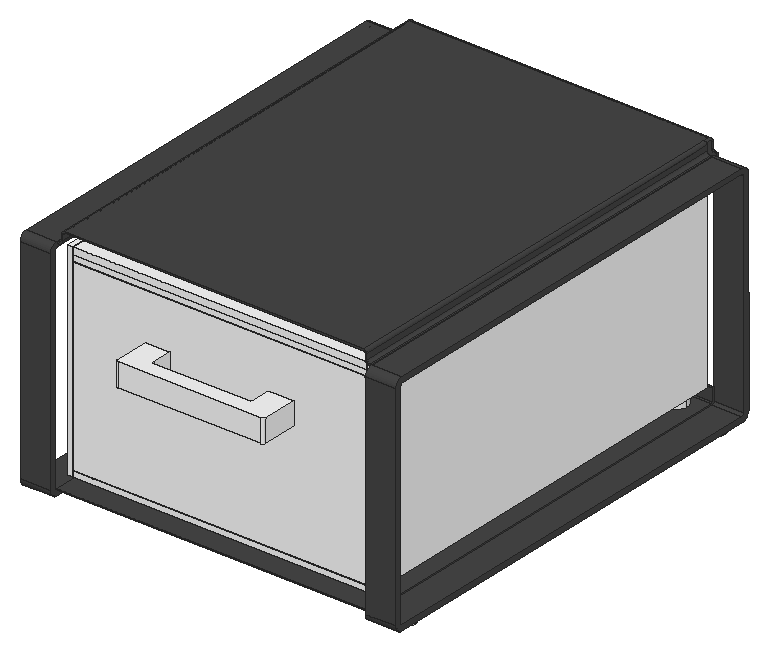
Revit family "QF_Vollrath_SBB12F-06", category Specialty Equipment, Revit 2016
Family settings
  Part Type = Normal
  Round Connector Dimension = Use Diameter
  OmniClass Number = 23.40.40.00
  OmniClass Title = Food Service Equipment and Furnishings
  Work Plane-Based = Yes
  Always vertical = Yes
  Cut with Voids When Loaded = No
  Shared = No
  Room Calculation Point = No
Parameters
  Width = 12 3/8"
  Weight in Pounds = 0
  Watermarked By = ""
  URL Cutsheet = ""
  Specification by User [instance] = ""
  Specification by Manufacturer [instance] = ""
  Serial Number [instance] = ""
  Revision Code [instance] = ""
  NAFEM Spec ID Number [instance] = ""
  Model = "SBB12F-06"
  Masterspec [instance] = ""
  Manufacturer = "Vollrath"
  Item Number [instance] = "-"
  Installed By [instance] = ""
  Height = 7 7/8"
  Furnished By [instance] = ""
  Foodservice Equipment Identifier = yes
  Description = "1/2 Display Bin with Drawer & Black Frame"
  Depth = 14 1/2"
  Default Elevation = 48"
  CSI MasterFormat = ""
Reference planes (in)
  plane 1 "BACK": y = 0
  plane 2 "BOTTOM": z = 0
  plane 3 "LEFT": x = -16.56573
  plane 4 "RIGHT": x = -4.19073
  plane 5 "Front Inner": y = -14.5
  plane 6 "Bottom of Body": z = 0.16
  plane 7 "TOP": z = 8.035
  plane 8: z = 5.305
  plane 9 "Bottom Handle": z = 4.555
  plane 10 "Caster Left": x = -16.06573
  plane 11 "Caster Right": x = -4.69073
  plane 12 "Caster Back": y = -0.75
  plane 13 "Caster Front": y = -13.5
  plane 14 "Center LR": x = -10.37823
  plane 15 "L1": x = -15.56573
  plane 16: x = -5.19073
  plane 17: z = 0.25
Forms (in)
  Blend 1, solid, material "QF_Plastic-White-Transparent"
    base sketch origin (0, 0, 0) x (1, 0, 0) y (0, 1, 0)
      loop
        circle (-16.06573, -0.75) r 0.35
    top sketch origin (0, 0, 0) x (1, 0, 0) y (0, 1, 0)
      loop
        circle (-16.06573, -0.75) r 0.38
    from 0 to 0.16
  Blend 2, solid, material "QF_Plastic-White-Transparent"
    base sketch origin (0, 0, 0) x (1, 0, 0) y (0, 1, 0)
      loop
        circle (-4.69073, -0.75) r 0.35
    top sketch origin (0, 0, 0) x (1, 0, 0) y (0, 1, 0)
      loop
        circle (-4.69073, -0.75) r 0.38
    from 0 to 0.16
  Blend 3, solid, material "QF_Plastic-White-Transparent"
    base sketch origin (0, 0, 0) x (1, 0, 0) y (0, 1, 0)
      loop
        circle (-16.06573, -13.5) r 0.35
    top sketch origin (0, 0, 0) x (1, 0, 0) y (0, 1, 0)
      loop
        circle (-16.06573, -13.5) r 0.38
    from 0 to 0.16
  Blend 4, solid, material "QF_Plastic-White-Transparent"
    base sketch origin (0, 0, 0) x (1, 0, 0) y (0, 1, 0)
      loop
        circle (-4.69073, -13.5) r 0.35
    top sketch origin (0, 0, 0) x (1, 0, 0) y (0, 1, 0)
      loop
        circle (-4.69073, -13.5) r 0.38
    from 0 to 0.16
  Extrusion 5, solid, material "QF_Steel-Paint Finish-Black"
    sketch origin (-16.56573, 0, 0) x (0, 1, 0) y (0, 0, 1)
      loop
        arc (-0.25, 0.16) -> (-0.07322, 0.23322) -> (0, 0.41) r 0.25
        line (0, 0.41) -> (0, 7.41)
        arc (0, 7.41) -> (-0.07322, 7.58678) -> (-0.25, 7.66) r 0.25
        line (-0.25, 7.66) -> (-14.25, 7.66)
        arc (-14.25, 7.66) -> (-14.42678, 7.58678) -> (-14.5, 7.41) r 0.25
        line (-14.5, 7.41) -> (-14.5, 0.41)
        arc (-14.5, 0.41) -> (-14.42678, 0.23322) -> (-14.25, 0.16) r 0.25
        line (-14.25, 0.16) -> (-0.25, 0.16)
      loop
        arc (-0.17187, 7.41) -> (-0.19476, 7.46524) -> (-0.25, 7.48813) r 0.07813
        line (-0.25, 7.48813) -> (-14.25, 7.48813)
        arc (-14.25, 7.48813) -> (-14.30524, 7.46524) -> (-14.32813, 7.41) r 0.07813
        line (-14.32813, 7.41) -> (-14.32813, 0.41)
        arc (-14.32813, 0.41) -> (-14.30524, 0.35476) -> (-14.25, 0.33187) r 0.07813
        line (-14.25, 0.33187) -> (-0.25, 0.33187)
        arc (-0.25, 0.33187) -> (-0.19476, 0.35476) -> (-0.17187, 0.41) r 0.07813
        line (-0.17187, 0.41) -> (-0.17187, 7.41)
    from 0 to 1
  Extrusion 6, solid, material "QF_Steel-Paint Finish-Black"
    sketch origin (-4.19073, 0, 0) x (0, 1, 0) y (0, 0, 1)
      loop
        line (-14.25, 0.16) -> (-0.25, 0.16)
        arc (-0.25, 0.16) -> (-0.07322, 0.23322) -> (0, 0.41) r 0.25
        line (0, 0.41) -> (0, 7.41)
        arc (0, 7.41) -> (-0.07322, 7.58678) -> (-0.25, 7.66) r 0.25
        line (-0.25, 7.66) -> (-14.25, 7.66)
        arc (-14.25, 7.66) -> (-14.42678, 7.58678) -> (-14.5, 7.41) r 0.25
        line (-14.5, 7.41) -> (-14.5, 0.41)
        arc (-14.5, 0.41) -> (-14.42678, 0.23322) -> (-14.25, 0.16) r 0.25
      loop
        line (-14.25, 0.33187) -> (-0.25, 0.33187)
        arc (-0.25, 0.33187) -> (-0.19476, 0.35476) -> (-0.17188, 0.41) r 0.07813
        line (-0.17188, 0.41) -> (-0.17188, 7.41)
        arc (-0.17188, 7.41) -> (-0.19476, 7.46524) -> (-0.25, 7.48813) r 0.07813
        line (-0.25, 7.48813) -> (-14.25, 7.48813)
        arc (-14.25, 7.48813) -> (-14.30524, 7.46524) -> (-14.32812, 7.41) r 0.07813
        line (-14.32812, 7.41) -> (-14.32812, 0.41)
        arc (-14.32812, 0.41) -> (-14.30524, 0.35476) -> (-14.25, 0.33187) r 0.07813
    from 0 to -1
  Extrusion 7, solid, material "QF_Steel-Paint Finish-Black"
    sketch origin (-15.56573, 0, 0) x (0, 1, 0) y (0, 0, 1)
      loop
        arc (-0.25, 0.33187) -> (-0.19476, 0.35476) -> (-0.17187, 0.41) r 0.07813
        line (-0.17187, 0.41) -> (-0.17187, 0.83187) -> (-0.21187, 0.83187) -> (-0.21187, 0.41)
        arc (-0.21187, 0.41) -> (-0.22304, 0.38304) -> (-0.25, 0.37187) r 0.03813
        line (-0.25, 0.37187) -> (-14.25, 0.37187) -> (-14.25, 0.33187) -> (-0.25, 0.33187)
    from 0 to 10.375
  Extrusion 8, solid, material "QF_Steel-Paint Finish-Black"
    sketch origin (0, 0, 0) x (1, 0, 0) y (0, 0, 1)
      loop
        arc (-15.29573, 8.035) -> (-15.36644, 8.00571) -> (-15.39573, 7.935) r 0.1
        line (-15.39573, 7.935) -> (-15.39573, 7.76)
        arc (-15.39573, 7.76) -> (-15.42501, 7.68929) -> (-15.49573, 7.66) r 0.1
        line (-15.49573, 7.66) -> (-15.56573, 7.66) -> (-15.56573, 7.62) -> (-15.49573, 7.62)
        arc (-15.49573, 7.62) -> (-15.39673, 7.66101) -> (-15.35573, 7.76) r 0.14
        line (-15.35573, 7.76) -> (-15.35573, 7.935)
        arc (-15.35573, 7.935) -> (-15.33815, 7.97743) -> (-15.29573, 7.995) r 0.06
        line (-15.29573, 7.995) -> (-5.46073, 7.995)
        arc (-5.46073, 7.995) -> (-5.4183, 7.97743) -> (-5.40073, 7.935) r 0.06
        line (-5.40073, 7.935) -> (-5.40073, 7.76)
        arc (-5.40073, 7.76) -> (-5.35972, 7.66101) -> (-5.26073, 7.62) r 0.14
        line (-5.26073, 7.62) -> (-5.19073, 7.62) -> (-5.19073, 7.66) -> (-5.26073, 7.66)
        arc (-5.26073, 7.66) -> (-5.33144, 7.68929) -> (-5.36073, 7.76) r 0.1
        line (-5.36073, 7.76) -> (-5.36073, 7.935)
        arc (-5.36073, 7.935) -> (-5.39001, 8.00571) -> (-5.46073, 8.035) r 0.1
        line (-5.46073, 8.035) -> (-15.29573, 8.035)
    from 0.25 to 14.25
  Extrusion 9, solid, material "QF_Steel-Paint Finish-Black"
    sketch origin (-15.56573, 0, 0) x (0, 1, 0) y (0, 0, 1)
      loop
        line (-0.25, 8.035) -> (-0.25, 7.995) -> (-0.04, 7.995) -> (-0.04, 7.535) -> (0, 7.535) -> (0, 7.997)
        arc (0, 7.997) -> (-0.01113, 8.02387) -> (-0.038, 8.035) r 0.038
        line (-0.038, 8.035) -> (-0.25, 8.035)
    from 0 to 10.375
  Extrusion 10, void
    sketch origin (0, 0, 0) x (1, 0, 0) y (0, 0, 1)
      loop
        arc (-15.49573, 7.66) -> (-15.42501, 7.68929) -> (-15.39573, 7.76) r 0.1
        line (-15.39573, 7.76) -> (-15.39573, 7.935)
        arc (-15.39573, 7.935) -> (-15.36644, 8.00571) -> (-15.29573, 8.035) r 0.1
        line (-15.29573, 8.035) -> (-15.56573, 8.035) -> (-15.56573, 7.66) -> (-15.49573, 7.66)
      loop
        line (-5.26073, 7.66) -> (-5.19073, 7.66) -> (-5.19073, 8.035) -> (-5.46073, 8.035)
        arc (-5.46073, 8.035) -> (-5.39001, 8.00571) -> (-5.36073, 7.935) r 0.1
        line (-5.36073, 7.935) -> (-5.36073, 7.76)
        arc (-5.36073, 7.76) -> (-5.33144, 7.68929) -> (-5.26073, 7.66) r 0.1
    from 0 to 1
Cuts and joins
  Extrusion 10 cuts Extrusion 8
  Extrusion 10 cuts Extrusion 9
  joined: Extrusion 8, Extrusion 9
Lines and regions (in)
  symbolic lines
    curve 1: line (-16.56573, 0, 0) -> (-4.19073, 0, 0)
    curve 2: line (-16.56573, -14.5, 0) -> (-16.56573, 0, 0)
    curve 3: line (-4.19073, 0, 0) -> (-4.19073, -14.5, 0)
    curve 6: line (-16.56573, -14.5, 0) -> (-15.56573, -14.5, 0)
    curve 7: line (-4.19073, -14.5, 0) -> (-5.19073, -14.5, 0)
  symbolic lines, style "QF_Details_Surface"
    curve 4: line (-15.56573, -14.5, 0) -> (-15.56573, 0, 0)
    curve 5: line (-5.19073, 0, 0) -> (-5.19073, -14.5, 0)
    curve 8: line (-15.56573, -14.25, 0) -> (-5.19073, -14.25, 0)
Dimensions and locks (in)
  "Width": plane 3 "LEFT" to plane 4 "RIGHT"
  "Depth": plane 5 "Front Inner" to plane 1 "BACK"
  locked: plane 6 "Bottom of Body" to plane 2 "BOTTOM" at 0.16
  "Height": plane 7 "TOP" to plane 6 "Bottom of Body"
  plane 7 "TOP" to plane 8 = 2.73"
  locked: plane 8 to plane 9 "Bottom Handle" at 0.75
  locked: plane 12 "Caster Back" to plane 1 "BACK" at 0.75
  locked: plane 5 "Front Inner" to plane 13 "Caster Front" at 1
  equal spacing: plane 3 "LEFT", plane 14 "Center LR", plane 4 "RIGHT"
  locked: plane 3 "LEFT" to plane 15 "L1" at 1
  locked: plane 16 to plane 4 "RIGHT" at 1
  equal spacing: plane 3 "LEFT", plane 10 "Caster Left", plane 15 "L1"
  equal spacing: plane 16, plane 11 "Caster Right", plane 4 "RIGHT"
  locked: plane 17 to plane 2 "BOTTOM" at 0.25
  aligned and locked: level to plane 2 "BOTTOM"
  aligned and locked: plane 6 "Bottom of Body" to Blend 1
  aligned and locked: plane 6 "Bottom of Body" to Blend 2
  aligned and locked: plane 6 "Bottom of Body" to Blend 3
  aligned and locked: plane 6 "Bottom of Body" to Blend 4
  aligned and locked: Extrusion 5 sketch curve to plane 5 "Front Inner"
  aligned and locked: Extrusion 5 sketch curve to plane 6 "Bottom of Body"
  aligned and locked: plane 1 "BACK" to Extrusion 5 sketch curve
  aligned and locked: plane 16 to Extrusion 7
  aligned and locked: plane 16 to Extrusion 8 sketch curve
  aligned and locked: plane 15 "L1" to Extrusion 8 sketch curve
  aligned and locked: plane 16 to Extrusion 9
  aligned and locked: plane 14 "Center LR" to nested 1
  aligned and locked: curve 4 to Extrusion 5
  aligned and locked: curve 5 to Extrusion 6
  aligned and locked: curve 6 to Extrusion 5
  aligned and locked: curve 7 to Extrusion 6
  aligned and locked: curve 8 to Extrusion 7
Automatic sketch dimensions
  Blend 1 sketch curve to plane 10 "Caster Left" = 0"  (x2)
  plane 12 "Caster Back" to Blend 1 sketch curve = 0"  (x2)
  Blend 2 sketch curve to plane 11 "Caster Right" = 0"  (x2)
  plane 12 "Caster Back" to Blend 2 sketch curve = 0"  (x2)
  Blend 3 sketch curve to plane 10 "Caster Left" = 0"  (x2)
  plane 13 "Caster Front" to Blend 3 sketch curve = 0"  (x2)
  Blend 4 sketch curve to plane 11 "Caster Right" = 0"  (x2)
  plane 13 "Caster Front" to Blend 4 sketch curve = 0"  (x2)
  Extrusion 5 sketch curve to plane 5 "Front Inner" = 1/4"  (x2)
  plane 1 "BACK" to Extrusion 5 sketch curve = 1/4"  (x2)
  Extrusion 5 sketch curve to plane 7 "TOP" = 5/8"
  Extrusion 5 sketch curve to Extrusion 5 sketch curve = 0"  (x7)
  Extrusion 5 sketch curve to plane 5 "Front Inner" = 11/64"
  Extrusion 6 sketch curve to Extrusion 6 sketch curve = 0"  (x8)
  Extrusion 6 sketch curve to plane 5 "Front Inner" = 0"
  Extrusion 6 sketch curve to plane 6 "Bottom of Body" = 0"
  Extrusion 6 sketch curve to plane 1 "BACK" = 0"
  Extrusion 6 sketch curve to Extrusion 6 sketch curve = 11/64"
  Extrusion 6 sketch curve to plane 5 "Front Inner" = 1/4"
  Extrusion 6 sketch curve to Extrusion 6 sketch curve = 5/64"  (x2)
  plane 1 "BACK" to Extrusion 6 sketch curve = 1/4"
  Extrusion 6 sketch curve to plane 7 "TOP" = 5/8"
  Extrusion 7 sketch curve to Extrusion 7 sketch curve = 0"  (x2)
  plane 1 "BACK" to Extrusion 7 sketch curve = 1/4"
  plane 1 "BACK" to Extrusion 7 sketch curve = 0.21187"
  Extrusion 7 sketch curve to Extrusion 7 sketch curve = 0.04"
  plane 17 to Extrusion 7 sketch curve = 0.08188"
  Extrusion 7 sketch curve to Extrusion 7 sketch curve = 27/64"
  Extrusion 7 sketch curve to plane 5 "Front Inner" = 1/4"
  Extrusion 8 sketch curve to Extrusion 8 sketch curve = 0"  (x8)
  Extrusion 8 sketch curve to plane 7 "TOP" = 0"
  plane 15 "L1" to Extrusion 8 sketch curve = 0.07"
  Extrusion 8 sketch curve to Extrusion 8 sketch curve = 0.1"
  Extrusion 8 sketch curve to Extrusion 8 sketch curve = 0.04"
  Extrusion 8 sketch curve to Extrusion 8 sketch curve = 0.06"  (x2)
  Extrusion 8 sketch curve to plane 16 = 0.27"
  Extrusion 8 sketch curve to plane 16 = 0.07"
  Extrusion 8 sketch curve to Extrusion 8 sketch curve = 0.175"  (x2)
  Extrusion 9 sketch curve to plane 7 "TOP" = 0"
  Extrusion 9 sketch curve to plane 1 "BACK" = 0"
  plane 1 "BACK" to Extrusion 9 sketch curve = 0.038"
  Extrusion 9 sketch curve to Extrusion 9 sketch curve = 0.002"  (x2)
  Extrusion 9 sketch curve to Extrusion 9 sketch curve = 0.46"
  Extrusion 9 sketch curve to Extrusion 9 sketch curve = 0.212"
  Extrusion 10 sketch curve to plane 15 "L1" = 0"
  Extrusion 10 sketch curve to plane 7 "TOP" = 0"  (x3)
  Extrusion 10 sketch curve to plane 16 = 0"
  plane 15 "L1" to Extrusion 10 sketch curve = 0.07"
  Extrusion 10 sketch curve to plane 7 "TOP" = 0.1"  (x2)
  plane 15 "L1" to Extrusion 10 sketch curve = 0.17"
  Extrusion 10 sketch curve to plane 16 = 0.27"
  Extrusion 10 sketch curve to plane 16 = 0.07"
  Extrusion 10 sketch curve to Extrusion 10 sketch curve = 0.175"  (x2)
  Extrusion 10 sketch curve to Extrusion 10 sketch curve = 0"
  plane 1 "BACK" to curve 1 = 0"
  curve 1 to plane 3 "LEFT" = 0"
  curve 3 to plane 4 "RIGHT" = 0"
  radius of Blend 1 sketch curve = 0.35"
  radius of Blend 1 sketch curve = 0.38"
  radius of Blend 2 sketch curve = 0.35"
  radius of Blend 2 sketch curve = 0.38"
  radius of Blend 3 sketch curve = 0.35"
  radius of Blend 3 sketch curve = 0.38"
  radius of Blend 4 sketch curve = 0.35"
  radius of Blend 4 sketch curve = 0.38"
Nested families (in)
  nested 1: "QF_Vollrath_SSB13F-06_Case" at (1.1875, -0.20813, 0.37187), type "QF_Vollrath_SSB13F-06_Case"
    with Width 10", Specification by User "", Specification by Manufacturer "", Serial Number "", Revision Code "", NAFEM Spec ID Number "", Masterspec "", Item Number "-", Installed By "", Height 6.78", Furnished By "", Depth 13.82"
Definition of nested family "QF_Vollrath_SSB13F-06_Case"
  Parameters
    Width [instance] = 6 3/8"
    Weight in Pounds = 0
    Watermarked By = ""
    URL Cutsheet = ""
    Specification by User [instance] = ""
    Specification by Manufacturer [instance] = ""
    Serial Number [instance] = ""
    Revision Code [instance] = ""
    NAFEM Spec ID Number [instance] = ""
    Model = ""
    Masterspec [instance] = ""
    Manufacturer = ""
    Item Number [instance] = "-"
    Installed By [instance] = ""
    Height [instance] = 6.91"
    Furnished By [instance] = ""
    Foodservice Equipment Identifier = yes
    Description = ""
    Depth [instance] = 14"
    Default Elevation = 48"
    CSI MasterFormat = ""
  Reference planes (in)
    plane 1 "BACK": y = 0
    plane 2 "BOTTOM": z = 0
    plane 3 "LEFT": x = -16.56573
    plane 4 "RIGHT": x = -10.19073
    plane 5 "Front Inner": y = -14
    plane 6 "FRONT": y = -15.2462
    plane 7 "Bottom of Body": z = 0.38
    plane 8 "TOP": z = 7.29
    plane 9: z = 5.305
    plane 10 "Bottom Handle": z = 4.555
    plane 11 "Caster Left": x = -16.00573
    plane 12 "Caster Right": x = -10.75073
    plane 13 "Caster Back": y = -0.56
    plane 14 "Caster Front": y = -13
    plane 15 "Center LR": x = -13.37823
    plane 16: x = -15.81573
    plane 17: x = -10.94073
    plane 18: x = -15.00573
    plane 19: x = -11.75073
    plane 20: y = -7
  Forms (in)
    Extrusion 1, solid
      sketch origin (0, 0, 0) x (1, 0, 0) y (0, 0, 1)
        loop
          line (-16.56573, 7.29) -> (-16.56573, 0.38) -> (-16.39573, 0.38) -> (-16.39573, 7.29) -> (-16.56573, 7.29)
      from 0 to 14
    Extrusion 2, solid
      sketch origin (0, 0, 0) x (1, 0, 0) y (0, 0, 1)
        loop
          line (-10.19073, 7.29) -> (-10.36073, 7.29) -> (-10.36073, 0.38) -> (-10.19073, 0.38) -> (-10.19073, 7.29)
      from 0 to 14
    Extrusion 3, solid
      sketch origin (0, 0, 0) x (1, 0, 0) y (0, 0, 1)
        loop
          line (-16.39573, 0.38) -> (-10.36073, 0.38) -> (-10.36073, 0.55) -> (-16.39573, 0.55) -> (-16.39573, 0.38)
      from 0 to 14
    Extrusion 4, solid
      sketch origin (0, 0, 0) x (1, 0, 0) y (0, 0, 1)
        loop
          line (-16.39573, 7.29) -> (-16.39573, 7.04) -> (-10.36073, 7.04) -> (-10.36073, 7.29) -> (-16.39573, 7.29)
      from 0 to 14
    Extrusion 5, solid
      sketch origin (0, 0, 0) x (1, 0, 0) y (0, 0, 1)
        loop
          line (-16.39573, 7.04) -> (-16.39573, 6.87) -> (-10.36073, 6.87) -> (-10.36073, 7.04) -> (-16.39573, 7.04)
      from 0 to 14
    Extrusion 6, solid
      sketch origin (0, 0, 0) x (1, 0, 0) y (0, 0, 1)
        loop
          line (-10.36073, 6.87) -> (-16.39573, 6.87) -> (-16.39573, 0.55) -> (-10.36073, 0.55) -> (-10.36073, 6.87)
      from 0 to 0.17
    Extrusion 7, solid
      sketch origin (0, -14, 0) x (1, 0, 0) y (0, 0, 1)
        loop
          arc (-10.42073, 0.58) -> (-10.39951, 0.58879) -> (-10.39073, 0.61) r 0.03
          line (-10.39073, 0.61) -> (-10.39073, 6.81)
          arc (-10.39073, 6.81) -> (-10.39951, 6.83121) -> (-10.42073, 6.84) r 0.03
          line (-10.42073, 6.84) -> (-16.33573, 6.84)
          arc (-16.33573, 6.84) -> (-16.35694, 6.83121) -> (-16.36573, 6.81) r 0.03
          line (-16.36573, 6.81) -> (-16.36573, 0.61)
          arc (-16.36573, 0.61) -> (-16.35694, 0.58879) -> (-16.33573, 0.58) r 0.03
          line (-16.33573, 0.58) -> (-10.42073, 0.58)
      from 0 to -0.17
    Extrusion 8, solid
      sketch origin (0, -14, 0) x (1, 0, 0) y (0, 0, 1)
        loop
          line (-16.36573, 4.175) -> (-16.36573, 0.61)
          arc (-16.36573, 0.61) -> (-16.35694, 0.58879) -> (-16.33573, 0.58) r 0.03
          line (-16.33573, 0.58) -> (-10.42073, 0.58)
          arc (-10.42073, 0.58) -> (-10.39951, 0.58879) -> (-10.39073, 0.61) r 0.03
          line (-10.39073, 0.61) -> (-10.39073, 4.175) -> (-10.56073, 4.175) -> (-10.56073, 0.75) -> (-16.19573, 0.75) -> (-16.19573, 4.175) -> (-16.36573, 4.175)
      from -0.17 to -13.44
    Extrusion 9, solid
      sketch origin (0, -0.56, 0) x (1, 0, 0) y (0, 0, 1)
        loop
          line (-10.39073, 4.555) -> (-16.36573, 4.555) -> (-16.36573, 0.61)
          arc (-16.36573, 0.61) -> (-16.35694, 0.58879) -> (-16.33573, 0.58) r 0.03
          line (-16.33573, 0.58) -> (-10.42073, 0.58)
          arc (-10.42073, 0.58) -> (-10.39951, 0.58879) -> (-10.39073, 0.61) r 0.03
          line (-10.39073, 0.61) -> (-10.39073, 4.555)
      from 0 to -0.17
    Extrusion 10, solid
      sketch origin (0, 0, 4.555) x (0, 1, 0) y (-1, 0, 0)
        loop
          line (-14, 15.81573) -> (-15.1462, 15.81573)
          arc (-15.1462, 15.81573) -> (-15.21691, 15.78644) -> (-15.2462, 15.71573) r 0.1
          line (-15.2462, 15.71573) -> (-15.2462, 11.04073)
          arc (-15.2462, 11.04073) -> (-15.21691, 10.97001) -> (-15.1462, 10.94073) r 0.1
          line (-15.1462, 10.94073) -> (-14, 10.94073) -> (-14, 11.75073) -> (-14.6862, 11.75073)
          arc (-14.6862, 11.75073) -> (-14.72156, 11.76537) -> (-14.7362, 11.80073) r 0.05
          line (-14.7362, 11.80073) -> (-14.7362, 14.95573)
          arc (-14.7362, 14.95573) -> (-14.72156, 14.99108) -> (-14.6862, 15.00573) r 0.05
          line (-14.6862, 15.00573) -> (-14, 15.00573) -> (-14, 15.81573)
      from 0 to 0.75
    Blend 11, solid
      base sketch origin (0, 0, 0) x (1, 0, 0) y (0, 1, 0)
        loop
          circle (-16.00573, -0.56) r 0.35
      top sketch origin (0, 0, 0) x (1, 0, 0) y (0, 1, 0)
        loop
          circle (-16.00573, -0.56) r 0.38
      from 0 to 0.38
    Blend 12, solid
      base sketch origin (0, 0, 0) x (1, 0, 0) y (0, 1, 0)
        loop
          circle (-10.75073, -0.56) r 0.35
      top sketch origin (0, 0, 0) x (1, 0, 0) y (0, 1, 0)
        loop
          circle (-10.75073, -0.56) r 0.38
      from 0 to 0.38
    Blend 13, solid
      base sketch origin (0, 0, 0) x (1, 0, 0) y (0, 1, 0)
        loop
          circle (-16.00573, -13) r 0.35
      top sketch origin (0, 0, 0) x (1, 0, 0) y (0, 1, 0)
        loop
          circle (-16.00573, -13) r 0.38
      from 0 to 0.38
    Blend 14, solid
      base sketch origin (0, 0, 0) x (1, 0, 0) y (0, 1, 0)
        loop
          circle (-10.75073, -13) r 0.35
      top sketch origin (0, 0, 0) x (1, 0, 0) y (0, 1, 0)
        loop
          circle (-10.75073, -13) r 0.38
      from 0 to 0.38
  Lines and regions (in)
    symbolic lines
      curve 1: line (-16.56573, 0, 0) -> (-10.19073, 0, 0)
      curve 2: line (-16.56573, -14, 0) -> (-16.56573, 0, 0)
      curve 3: line (-10.19073, -14, 0) -> (-16.56573, -14, 0)
      curve 4: line (-10.19073, 0, 0) -> (-10.19073, -14, 0)
      curve 5: line (-15.71573, -15.2462, 0) -> (-11.04073, -15.2462, 0)
      curve 6: line (-11.80073, -14.7362, 0) -> (-14.95573, -14.7362, 0)
      curve 7: line (-15.00573, -14.6862, 0) -> (-15.00573, -14, 0)
      curve 8: arc (-14.95573, -14.7362, 0) -> (-14.99108, -14.72156, 0) -> (-15.00573, -14.6862, 0) r 0.05
      curve 9: arc (-11.75073, -14.6862, 0) -> (-11.76537, -14.72156, 0) -> (-11.80073, -14.7362, 0) r 0.05
      curve 10: line (-11.75073, -14, 0) -> (-11.75073, -14.6862, 0)
      curve 11: arc (-15.81573, -15.1462, 0) -> (-15.78644, -15.21691, 0) -> (-15.71573, -15.2462, 0) r 0.1
      curve 12: line (-15.81573, -14, 0) -> (-15.81573, -15.1462, 0)
      curve 13: line (-10.94073, -15.1462, 0) -> (-10.94073, -14, 0)
      curve 14: arc (-11.04073, -15.2462, 0) -> (-10.97001, -15.21691, 0) -> (-10.94073, -15.1462, 0) r 0.1
  Dimensions and locks (in)
    "Width": plane 3 "LEFT" to plane 4 "RIGHT"
    "Depth": plane 5 "Front Inner" to plane 1 "BACK"
    locked: plane 6 "FRONT" to plane 5 "Front Inner" at 1.2462
    locked: plane 7 "Bottom of Body" to plane 2 "BOTTOM" at 0.38
    "Height": plane 8 "TOP" to plane 7 "Bottom of Body"
    plane 8 "TOP" to plane 9 = 1.985"
    locked: plane 9 to plane 10 "Bottom Handle" at 0.75
    locked: plane 3 "LEFT" to plane 11 "Caster Left" at 0.56
    locked: plane 12 "Caster Right" to plane 4 "RIGHT" at 0.56
    locked: plane 13 "Caster Back" to plane 1 "BACK" at 0.56
    locked: plane 5 "Front Inner" to plane 14 "Caster Front" at 1
    locked: plane 3 "LEFT" to Extrusion 1 sketch curve at 0.17
    locked: Extrusion 2 sketch curve to plane 4 "RIGHT" at 0.17
    locked: Extrusion 3 sketch curve to plane 7 "Bottom of Body" at 0.17
    locked: plane 8 "TOP" to Extrusion 5 sketch curve at 0.42
    locked: plane 8 "TOP" to Extrusion 5 sketch curve at 0.25
    equal spacing: plane 3 "LEFT", plane 15 "Center LR", plane 4 "RIGHT"
    locked: plane 16 to plane 18 at 0.81
    locked: plane 19 to plane 17 at 0.81
    equal spacing: plane 16, plane 15 "Center LR", plane 17
    locked: plane 16 to plane 17 at 4.875
    equal spacing: plane 5 "Front Inner", plane 20, plane 1 "BACK"
    aligned and locked: level to plane 2 "BOTTOM"
    aligned and locked: Extrusion 1 sketch curve to plane 3 "LEFT"
    aligned and locked: plane 8 "TOP" to Extrusion 1 sketch curve
    aligned and locked: Extrusion 1 sketch curve to plane 7 "Bottom of Body"
    aligned and locked: Extrusion 2 sketch curve to plane 4 "RIGHT"
    aligned and locked: Extrusion 2 sketch curve to plane 7 "Bottom of Body"
    aligned and locked: plane 8 "TOP" to Extrusion 2 sketch curve
    aligned and locked: plane 5 "Front Inner" to Extrusion 1
    aligned and locked: plane 5 "Front Inner" to Extrusion 2
    aligned and locked: Extrusion 3 sketch curve to plane 7 "Bottom of Body"
    aligned and locked: Extrusion 3 sketch curve to Extrusion 1
    aligned and locked: Extrusion 3 sketch curve to Extrusion 2
    aligned and locked: Extrusion 4 sketch curve to plane 8 "TOP"
    aligned and locked: Extrusion 1 to Extrusion 4 sketch curve
    aligned and locked: Extrusion 4 sketch curve to Extrusion 2
    aligned and locked: Extrusion 1 to Extrusion 5 sketch curve
    aligned and locked: Extrusion 5 sketch curve to Extrusion 2
    aligned and locked: plane 5 "Front Inner" to Extrusion 4
    aligned and locked: plane 5 "Front Inner" to Extrusion 5
    aligned and locked: plane 5 "Front Inner" to Extrusion 3
    aligned and locked: Extrusion 6 sketch curve to Extrusion 5  (x2)
    aligned and locked: Extrusion 6 sketch curve to Extrusion 3  (x2)
    aligned and locked: Extrusion 9 sketch curve to plane 10 "Bottom Handle"
    aligned and locked: plane 5 "Front Inner" to Extrusion 10 sketch curve  (x2)
    aligned and locked: Extrusion 10 sketch curve to plane 6 "FRONT"
    aligned and locked: plane 9 to Extrusion 10
    aligned and locked: plane 7 "Bottom of Body" to Blend 11
    aligned and locked: plane 7 "Bottom of Body" to Blend 12
    aligned and locked: plane 7 "Bottom of Body" to Blend 13
    aligned and locked: plane 7 "Bottom of Body" to Blend 14
    aligned and locked: curve 1 to Extrusion 1
    aligned and locked: curve 2 to Extrusion 1
    aligned and locked: curve 3 to Extrusion 2
    aligned and locked: curve 4 to Extrusion 2
    aligned and locked: Extrusion 10 to curve 5
    aligned and locked: curve 6 to Extrusion 10
    aligned and locked: curve 7 to Extrusion 10
    aligned and locked: curve 10 to Extrusion 10
    aligned and locked: Extrusion 10 sketch curve to plane 16
    aligned and locked: Extrusion 10 sketch curve to plane 18
    aligned and locked: Extrusion 10 sketch curve to plane 17
    aligned and locked: Extrusion 10 sketch curve to plane 19
  Automatic sketch dimensions
    Extrusion 4 sketch curve to Extrusion 4 sketch curve = 1/4"
    plane 3 "LEFT" to Extrusion 7 sketch curve = 0.2"
    Extrusion 7 sketch curve to Extrusion 7 sketch curve = 0.03"  (x3)
    Extrusion 7 sketch curve to plane 4 "RIGHT" = 0.23"  (x2)
    plane 7 "Bottom of Body" to Extrusion 7 sketch curve = 0.2"
    Extrusion 7 sketch curve to plane 8 "TOP" = 0.48"
    plane 3 "LEFT" to Extrusion 8 sketch curve = 0.2"
    Extrusion 8 sketch curve to Extrusion 8 sketch curve = 0.03"  (x2)
    Extrusion 8 sketch curve to plane 11 "Caster Left" = 0.19"
    plane 12 "Caster Right" to Extrusion 8 sketch curve = 0.19"
    Extrusion 8 sketch curve to Extrusion 8 sketch curve = 0.14"  (x2)
    plane 7 "Bottom of Body" to Extrusion 8 sketch curve = 0.2"
    Extrusion 8 sketch curve to plane 10 "Bottom Handle" = 0.38"  (x2)
    plane 3 "LEFT" to Extrusion 9 sketch curve = 0.2"
    Extrusion 9 sketch curve to plane 4 "RIGHT" = 0.2"
    plane 7 "Bottom of Body" to Extrusion 9 sketch curve = 0.23"
    Extrusion 9 sketch curve to Extrusion 9 sketch curve = 0.03"  (x2)
    Extrusion 10 sketch curve to plane 6 "FRONT" = 0.1"  (x2)
    Extrusion 10 sketch curve to plane 6 "FRONT" = 0.51"
    Extrusion 10 sketch curve to Extrusion 10 sketch curve = 0.05"  (x2)
    Blend 11 sketch curve to plane 11 "Caster Left" = 0"  (x2)
    plane 13 "Caster Back" to Blend 11 sketch curve = 0"  (x2)
    Blend 12 sketch curve to plane 12 "Caster Right" = 0"  (x2)
    plane 13 "Caster Back" to Blend 12 sketch curve = 0"  (x2)
    Blend 13 sketch curve to plane 11 "Caster Left" = 0"  (x2)
    plane 14 "Caster Front" to Blend 13 sketch curve = 0"  (x2)
    Blend 14 sketch curve to plane 12 "Caster Right" = 0"  (x2)
    plane 14 "Caster Front" to Blend 14 sketch curve = 0"  (x2)
    curve 12 to curve 5 = 0.1"
    curve 6 to curve 10 = 0.05"
    curve 5 to curve 14 = 0.1"
    curve 6 to curve 8 = 0.05"
    curve 12 to plane 16 = 0"
    curve 13 to plane 17 = 0"
    radius of Blend 11 sketch curve = 0.35"
    radius of Blend 11 sketch curve = 0.38"
    radius of Blend 12 sketch curve = 0.35"
    radius of Blend 12 sketch curve = 0.38"
    radius of Blend 13 sketch curve = 0.35"
    radius of Blend 13 sketch curve = 0.38"
    radius of Blend 14 sketch curve = 0.35"
    radius of Blend 14 sketch curve = 0.38"
